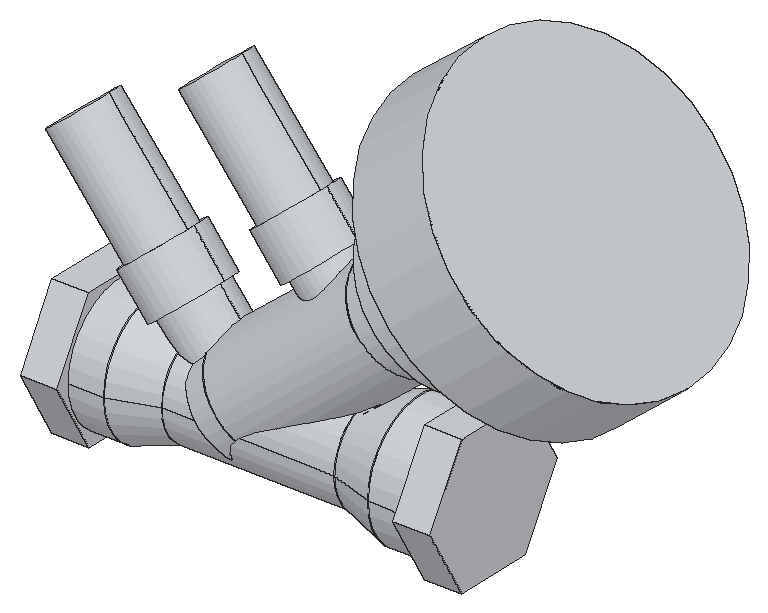
Revit family "D9505-DN15-RFA_2019", category Pipe Accessories, Revit 2019
Family settings
  Round Connector Dimension = Use Diameter
  Part Type = Valve - Breaks Into
  Work Plane-Based = No
  Always vertical = Yes
  Cut with Voids When Loaded = No
  Shared = No
Parameters (values of type "D9505 DN15")
  magiProductId = "7168eb0cb4024df38c6d32127ca87d"
  magiProductFamilyId = "283409d322044e8dba8a30d68fed8b"
  magiPartTypeId = 304
  isMeasuringValve [instance] = no
  ang2D [instance] = 0.00°
  W2D = 10 mm
  VersionID = "2.0/2017.10.31.1/VIR_9505_001"
  Use Minimum Symbol Size [instance] = yes
  URL = "http://www.hydronic.cz"
  Type Comments = "závitový; PN25 (-10~+100°C) nebo PN20 (-10~+130°C)"
  RN2 = 14.85 mm
  RN = 17.55 mm
  R7 = 9 mm
  R6 = 7.5 mm
  R5 = 20 mm
  R4 = 12.375 mm
  R3 = 12.375 mm
  R2 = 14.625 mm
  R1 = 11.25 mm
  QmdConnectorList = "301;D;302;D"
  Productdata [instance] = ""
  NUT1 = no
  Manufacturer = "Hydronic Systems Prague s.r.o."
  MC Product Code = "9505 015 (DN15; PN25 kvs2,67)"
  MC Piping Given Pressure Drop [instance] = 0.0 Pa
  L_2 = 45 mm
  L7 = 36 mm
  L6 = 2 mm
  L4 = 11.7 mm
  L3 = 10 mm
  L2__ve = -L2  # -8 mm
  L2D_Min = 3048 mm
  L2D = 77 mm
  L2 = 8 mm
  L1__ve = -L1  # -8 mm
  L1 = 8 mm
  HWR = 35 mm
  H8 = 27 mm
  H7 = 10.8 mm
  H6 = 19.375 mm
  H5 = 14.375 mm
  H4 = 20 mm
  H3 = 12.304 mm
  H2 = 41 mm
  H1 = 5 mm
  Description = "Ruční vyvažovací ventil závitový; bronzový; DN15; kvs2,67"
  D = 15 mm
  CenSd_RN_6 = RN * cos(30.00°)  # 15.199 mm
  CenSd_RN2_6 = RN2 * cos(30.00°)  # 12.86 mm
  CAT0 = yes
Types (7, lengths in mm): name | magiProductId | RN2 | RN | R4 | R3 | R2 | R1 | MC Product Code | L_2 | L4 | L2__ve | L2 | L1__ve | L1 | H8 | H7 | H6 | H5 | H3 | H2 | H1 | Description | D | CenSd_RN_6 | CenSd_RN2_6
  D9505 DN10 | "f06221e9bc9341508f66871c80ccb9" | 13.2 | 15.6 | 11 | 11 | 13 | 10 | "9505 010 (DN10; PN25 kvs0,97)" | 38.5 | 10.01 | -8 | 8 | -7 | 7 | 27.3 | 10.92 | 18 | 13 | 13.859 | 42 | 4 | "Ruční vyvažovací ventil závitový; bronzový; DN10; kvs0,97" | 10 | 13.51 | 11.432
  D9505 DN15 | "7168eb0cb4024df38c6d32127ca87d" | 14.85 | 17.55 | 12.375 | 12.375 | 14.625 | 11.25 | "9505 015 (DN15; PN25 kvs2,67)" | 45 | 11.7 | -8 | 8 | -8 | 8 | 27 | 10.8 | 19.375 | 14.375 | 12.304 | 41 | 5 | "Ruční vyvažovací ventil závitový; bronzový; DN15; kvs2,67" | 15 | 15.199 | 12.86
  D9505 DN20 | "82f2a7b1fa884f8cafe37fee21fa09" | 16.5 | 19.5 | 13.75 | 13.75 | 16.25 | 12.5 | "9505 020 (DN20; PN25 kvs4,1)" | 51 | 13.26 | -8 | 8 | -9 | 9 | 27 | 10.8 | 20.75 | 15.75 | 12.304 | 40 | 6 | "Ruční vyvažovací ventil závitový; bronzový; DN20; kvs4,1" | 20 | 16.887 | 14.289
  D9505 DN25 | "a5bafb2d780d49b5957b650150642c" | 18.15 | 21.45 | 15.125 | 15.125 | 17.875 | 13.75 | "9505 025 (DN25; PN25 kvs6,4)" | 55 | 14.3 | -9 | 9 | -10 | 10 | 27 | 10.8 | 22.125 | 17.125 | 12.304 | 39 | 7 | "Ruční vyvažovací ventil závitový; bronzový; DN25; kvs6,4" | 25 | 18.576 | 15.718
  D9505 DN32 | "a42dead6f7694bcf97a0a9ce0e311e" | 20.46 | 24.18 | 17 | 17.05 | 20.15 | 15.5 | "9505 032 (DN32; PN25 kvs12,0)" | 60.5 | 15.73 | -9.5 | 9.5 | -11.4 | 11.4 | 34.8 | 13.92 | 24.05 | 19.05 | 52.753 | 38 | 8 | "Ruční vyvažovací ventil závitový; bronzový; DN32; kvs12,0" | 32 | 20.94 | 17.719
  D9505 DN40 | "7d52969a8dcd46c581304e64bff261" | 23.1 | 27.3 | 17 | 19.25 | 22.75 | 17.5 | "9505 040 (DN40; PN25 kvs19,5)" | 71 | 18.46 | -10 | 10 | -13 | 13 | 34.8 | 13.92 | 26.25 | 21.25 | 52.753 | 36 | 10 | "Ruční vyvažovací ventil závitový; bronzový; DN40; kvs19,5" | 40 | 23.642 | 20.005
  D9505 DN50 | "2fc06cc644084f6992b3d357430981" | 26.4 | 31.2 | 17 | 22 | 26 | 20 | "9505 050 (DN50; PN25 kvs29,8)" | 80.5 | 20.93 | -11 | 11 | -15 | 15 | 34.8 | 13.92 | 29 | 24 | 52.753 | 34 | 12 | "Ruční vyvažovací ventil závitový; bronzový; DN50; kvs29,8" | 50 | 27.02 | 22.863
Reference planes
  plane 1 "Center (Front/Back)": y = 0
  plane 2 "XYPLANE": z = 0
  plane 3 "Center (Left/Right)": x = 0
  plane 4 "312": through (-488.27, 0, 577.747) normal (0.766, 0, 0.6428)
  plane 5 "176": through (-600.726, 0, -462.806) normal (-0.6428, 0, 0.766)
  plane 6 "173": through (-596.997, 0, -467.249) normal (-0.6428, 0, 0.766)
  plane 7 "163": x = -11.7
  plane 8 "158": x = 19
  plane 9 "157": x = 29
  plane 10 "154": x = -19
  plane 11 "83": through (-603.939, 0, -458.975) normal (-0.6428, 0, 0.766)
  plane 12 "76": through (-464.523, 0, 597.674) normal (0.766, 0, 0.6428)
  plane 13 "73": through (-593.783, 0, -471.079) normal (-0.6428, 0, 0.766)
  plane 14 "70": through (-584.543, 0, -482.091) normal (-0.6428, 0, 0.766)
  plane 15 "69": y = 0
  plane 16 "68": through (-490.569, 0, 575.819) normal (0.766, 0, 0.6428)
  plane 17 "60": through (-432.117, 0, 624.866) normal (0.766, 0, 0.6428)
  plane 18 "57": through (-447.437, 0, 612.01) normal (0.766, 0, 0.6428)
  plane 19 "54": through (-456.863, 0, 604.102) normal (0.766, 0, 0.6428)
  plane 20 "32": through (-492.101, 0, 574.533) normal (0.766, 0, 0.6428)
  plane 21 "31": y = 0
  plane 22 "30": through (564.523, 0, 482.091) normal (0.6428, 0, -0.766)
  plane 23 "21": x = -29
  plane 24 "20": x = 37
  plane 25 "19": x = -37
  plane 26 "13": x = 0
  plane 27 "11": x = 45
  plane 28 "10": x = -45
  plane 29 "9": y = 0
  plane 30 "8": z = 0
  plane 31 "65XY": through (-584.543, 0, -482.091) normal (-0.6428, 0, 0.766)
  plane 32 "65XZ": y = 0
  plane 33 "65YZ": through (-492.101, 0, 574.533) normal (0.766, 0, 0.6428)
  plane 34 "27XY": through (-492.101, 0, 574.533) normal (0.766, 0, 0.6428)
  plane 35 "27XZ": y = 0
  plane 36 "27YZ": through (564.523, 0, 482.091) normal (0.6428, 0, -0.766)
Forms (mm)
  Extrusion 1, solid, visible <- "CAT0"
    sketch origin (-492.101, 0, 574.533) x (0.642788, 0, -0.766044) y (0, 1, 0)
      loop
        circle (750, 0) r 12.375
    from 0 to 5 <- "H1"
  Extrusion 2, solid
    sketch origin (-600.726, 0, -462.806) x (0.766044, 0, 0.642788) y (0, 1, 0)
      loop
        circle (786, 0) r 7.5
    from 0 to 27 <- "H8"
  Extrusion 3, solid
    sketch origin (-593.783, 0, -471.079) x (0.766044, 0, 0.642788) y (0, 1, 0)
      loop
        circle (786, 0) r 9
    from 0 to 10.8 <- "H7"
  Extrusion 4, solid
    sketch origin (-456.863, 0, 604.102) x (0.642788, 0, -0.766044) y (0, 1, 0)
      loop
        circle (750, 0) r 12.375
    from 0 to 12.304 <- "H3"
  Extrusion 5, solid, visible <- "NUT1"
    sketch origin (-456.863, 0, 604.102) x (0.642788, 0, -0.766044) y (0, 1, 0)
      loop
        line (750, 14.85) -> (737.14, 7.425) -> (737.14, -7.425) -> (750, -14.85) -> (762.86, -7.425) -> (762.86, 7.425) -> (750, 14.85)
    from 0 to 8 <- "L1"
  Blend 6, solid, visible <- "CAT0"
    base sketch origin (-19, -750, 0) x (0, 1, 0) y (0, 0, 1)
      loop
        circle (750, 0) r 11.25
    top sketch origin (-19, -750, 0) x (0, 1, 0) y (0, 0, 1)
      loop
        circle (750, 0) r 11.25
    from 0 to 38
  Blend 7, solid
    base sketch origin (29, -750, 0) x (0, 1, 0) y (0, 0, 1)
      loop
        circle (750, 0) r 14.625
    top sketch origin (29, -750, 0) x (0, 1, 0) y (0, 0, 1)
      loop
        circle (750, 0) r 11.25
    from 0 to -10
  Blend 8, solid
    base sketch origin (-29, -750, 0) x (0, 1, 0) y (0, 0, 1)
      loop
        circle (750, 0) r 14.625
    top sketch origin (-29, -750, 0) x (0, 1, 0) y (0, 0, 1)
      loop
        circle (750, 0) r 11.25
    from 0 to 10
  Extrusion 9, solid
    sketch origin (-584.543, 0, -482.091) x (0.766044, 0, 0.642788) y (0, 1, 0)
      loop
        circle (752, 0) r 7.5
    from 0 to 19.375 <- "H6"
  Extrusion 10, solid
    sketch origin (-603.939, 0, -458.975) x (0.766044, 0, 0.642788) y (0, 1, 0)
      loop
        circle (752, 0) r 7.5
    from 0 to 27 <- "H8"
  Extrusion 11, solid
    sketch origin (-584.543, 0, -482.091) x (0.766044, 0, 0.642788) y (0, 1, 0)
      loop
        circle (786, 0) r 7.5
    from 0 to 14.375 <- "H5"
  Extrusion 12, solid
    sketch origin (-596.997, 0, -467.249) x (0.766044, 0, 0.642788) y (0, 1, 0)
      loop
        circle (752, 0) r 9
    from 0 to 10.8 <- "H7"
  Extrusion 13, solid, visible <- "CAT0"
    sketch origin (-432.117, 0, 624.866) x (0.642788, 0, -0.766044) y (0, 1, 0)
      loop
        circle (750, 0) r 35
    from 0 to 20 <- "H4"
  Extrusion 14, solid
    sketch origin (-447.437, 0, 612.01) x (0.642788, 0, -0.766044) y (0, 1, 0)
      loop
        circle (750, 0) r 20
    from 0 to 20 <- "H4"
  Extrusion 15, solid
    sketch origin (-488.27, 0, 577.747) x (0.642788, 0, -0.766044) y (0, 1, 0)
      loop
        circle (750, 0) r 12.375
    from 0 to 41 <- "H2"
  Extrusion 16, solid
    sketch origin (37, -750, 0) x (0, 1, 0) y (0, 0, 1)
      loop
        circle (750, 0) r 14.625
    from 0 to -8 <- "L2__ve"
  Extrusion 17, solid
    sketch origin (-37, -750, 0) x (0, 1, 0) y (0, 0, 1)
      loop
        circle (750, 0) r 14.625
    from 0 to 8 <- "L2"
  Extrusion 18, solid
    sketch origin (45, -750, 0) x (0, 1, 0) y (0, 0, 1)
      loop
        line (732.45, 0) -> (741.225, -15.199) -> (758.775, -15.199) -> (767.55, 0) -> (758.775, 15.199) -> (741.225, 15.199) -> (732.45, 0)
    from 0 to -8 <- "L1__ve"
  Extrusion 19, solid
    sketch origin (-45, -750, 0) x (0, 1, 0) y (0, 0, 1)
      loop
        line (767.55, 0) -> (758.775, 15.199) -> (741.225, 15.199) -> (732.45, 0) -> (741.225, -15.199) -> (758.775, -15.199) -> (767.55, 0)
    from 0 to 8 <- "L1"
  Extrusion 20, solid, not visible
    sketch origin (45, -750, 0) x (0, 1, 0) y (0, 0, 1)
      loop
        circle (750, 0) r 10
    from 0 to -10
  Extrusion 21, solid, not visible
    sketch origin (-45, -750, 0) x (0, 1, 0) y (0, 0, 1)
      loop
        circle (750, 0) r 10
    from 0 to 10
Lines and regions (mm)
  reference lines, not visible
    curve 1: circle (2, 2, 0) r 1 normal (0, 0, 1)
  reference lines
    curve 2: line (25.228, 0, 29.568) -> (28.902, -3.3, 25.19)
    curve 3: line (25.228, 0, 29.568) -> (25.228, -6.6, 29.568)
    curve 4: line (25.228, 0, 29.568) -> (21.554, -3.3, 33.947)
    curve 5: line (45, 0, 0) -> (45, 3.9, -6.755)
    curve 6: line (45, 0, 0) -> (45, 7.8, 0)
    curve 7: line (45, 0, 0) -> (45, 3.9, 6.755)
    curve 8: line (-45, 0, 0) -> (-45, -3.9, -6.755)
    curve 9: line (-45, 0, 0) -> (-45, -7.8, 0)
    curve 10: line (-45, 0, 0) -> (-45, -3.9, 6.755)
Dimensions and locks
  plane 1 "Center (Front/Back)" to curve 1 = 2 mm
  "H1": plane 20 "32" to plane 4 "312"
  "H7": plane 13 "73" to plane 5 "176"
  "H6": plane 14 "70" to plane 6 "173"
  "L4": plane 26 "13" to plane 7 "163"
  "L3": plane 9 "157" to plane 8 "158"
  "L2": plane 24 "20" to plane 9 "157"
  "L3": plane 23 "21" to plane 10 "154"
  "H7": plane 6 "173" to plane 11 "83"
  "L7": plane 33 "65YZ" to plane 12 "76"
  "H5": plane 14 "70" to plane 13 "73"
  locked: plane 31 "65XY" to plane 14 "70" at 0
  locked: plane 29 "9" to plane 15 "69"
  "L6": plane 33 "65YZ" to plane 16 "68"
  "H4": plane 18 "57" to plane 17 "60"
  "H3": plane 19 "54" to plane 18 "57"
  "H2": plane 4 "312" to plane 19 "54"
  locked: plane 34 "27XY" to plane 20 "32" at 0
  locked: plane 29 "9" to plane 21 "31"
  locked: plane 36 "27YZ" to plane 22 "30"
  "L2": plane 25 "19" to plane 23 "21"
  "L1": plane 27 "11" to plane 24 "20"
  "L1": plane 28 "10" to plane 25 "19"
  locked: plane 3 "Center (Left/Right)" to plane 26 "13"
  "L_2": plane 3 "Center (Left/Right)" to plane 27 "11"
  "L_2": plane 3 "Center (Left/Right)" to plane 28 "10"
  locked: plane 1 "Center (Front/Back)" to plane 29 "9"
  locked: plane 2 "XYPLANE" to plane 30 "8"
  "CenSd_RN2_6": curve 2 to Extrusion 5 sketch curve  (x2)
  "CenSd_RN2_6": curve 3 to Extrusion 5 sketch curve  (x2)
  "CenSd_RN2_6": curve 4 to Extrusion 5 sketch curve  (x2)
  Extrusion 5 sketch curve to Extrusion 5 sketch curve = 0 mm  (x12)
  "CenSd_RN_6": curve 5 to Extrusion 18 sketch curve  (x2)
  "CenSd_RN_6": curve 6 to Extrusion 18 sketch curve  (x2)
  "CenSd_RN_6": curve 7 to Extrusion 18 sketch curve  (x2)
  Extrusion 18 sketch curve to Extrusion 18 sketch curve = 0 mm  (x12)
  "CenSd_RN_6": curve 8 to Extrusion 19 sketch curve  (x2)
  "CenSd_RN_6": curve 9 to Extrusion 19 sketch curve  (x2)
  "CenSd_RN_6": curve 10 to Extrusion 19 sketch curve  (x2)
  Extrusion 19 sketch curve to Extrusion 19 sketch curve = 0 mm  (x12)
  "R3": radius of Extrusion 1 sketch curve
  "R6": radius of Extrusion 2 sketch curve
  "R7": radius of Extrusion 3 sketch curve
  "R4": radius of Extrusion 4 sketch curve
  "R1": radius of Blend 6 sketch curve  (x2)
  "R1": radius of Blend 7 sketch curve
  "R2": radius of Blend 7 sketch curve
  "R1": radius of Blend 8 sketch curve
  "R2": radius of Blend 8 sketch curve
  "R6": radius of Extrusion 9 sketch curve
  "R6": radius of Extrusion 10 sketch curve
  "R6": radius of Extrusion 11 sketch curve
  "R7": radius of Extrusion 12 sketch curve
  "HWR": radius of Extrusion 13 sketch curve
  "R5": radius of Extrusion 14 sketch curve
  "R3": radius of Extrusion 15 sketch curve
  "R2": radius of Extrusion 16 sketch curve
  "R2": radius of Extrusion 17 sketch curve
  locked: curve 3 to curve 2 (angle 60.00°)
  locked: curve 4 to curve 3 (angle 60.00°)
  locked: curve 4 to curve 2 (angle 120.00°)
  locked: curve 6 to curve 5 (angle 60.00°)
  locked: curve 7 to curve 6 (angle 60.00°)
  locked: curve 7 to curve 5 (angle 120.00°)
  locked: curve 9 to curve 8 (angle 60.00°)
  locked: curve 10 to curve 9 (angle 60.00°)
  locked: curve 10 to curve 8 (angle 120.00°)
  aligned and locked: level to plane 2 "XYPLANE"
  aligned and locked: plane 21 "31" to Extrusion 1 sketch curve
  aligned and locked: Extrusion 1 sketch curve to plane 22 "30"
  aligned and locked: Extrusion 2 sketch curve to plane 12 "76"
  aligned and locked: plane 15 "69" to Extrusion 2 sketch curve
  aligned and locked: Extrusion 3 sketch curve to plane 12 "76"
  aligned and locked: plane 15 "69" to Extrusion 3 sketch curve
  aligned and locked: plane 21 "31" to Extrusion 4 sketch curve
  aligned and locked: Extrusion 4 sketch curve to plane 22 "30"
  aligned and locked: curve 2 to plane 22 "30"
  aligned and locked: plane 21 "31" to curve 3
  aligned and locked: Blend 6 sketch curve to plane 29 "9"  (x2)
  aligned and locked: plane 30 "8" to Blend 6 sketch curve  (x2)
  aligned and locked: plane 8 "158" to Blend 6
  aligned and locked: Blend 7 sketch curve to plane 29 "9"  (x2)
  aligned and locked: plane 30 "8" to Blend 7 sketch curve  (x2)
  aligned and locked: Blend 7 to plane 8 "158"
  aligned and locked: Blend 8 sketch curve to plane 29 "9"  (x2)
  aligned and locked: plane 30 "8" to Blend 8 sketch curve  (x2)
  aligned and locked: plane 10 "154" to Blend 8
  aligned and locked: plane 15 "69" to Extrusion 9 sketch curve
  aligned and locked: Extrusion 9 sketch curve to plane 16 "68"
  aligned and locked: plane 15 "69" to Extrusion 10 sketch curve
  aligned and locked: Extrusion 10 sketch curve to plane 16 "68"
  aligned and locked: Extrusion 11 sketch curve to plane 12 "76"
  aligned and locked: plane 15 "69" to Extrusion 11 sketch curve
  aligned and locked: plane 15 "69" to Extrusion 12 sketch curve
  aligned and locked: Extrusion 12 sketch curve to plane 16 "68"
  aligned and locked: plane 21 "31" to Extrusion 13 sketch curve
  aligned and locked: Extrusion 13 sketch curve to plane 22 "30"
  aligned and locked: plane 21 "31" to Extrusion 14 sketch curve
  aligned and locked: Extrusion 14 sketch curve to plane 22 "30"
  aligned and locked: plane 21 "31" to Extrusion 15 sketch curve
  aligned and locked: Extrusion 15 sketch curve to plane 22 "30"
  aligned and locked: Extrusion 16 sketch curve to plane 29 "9"
  aligned and locked: plane 30 "8" to Extrusion 16 sketch curve
  aligned and locked: Extrusion 17 sketch curve to plane 29 "9"
  aligned and locked: plane 30 "8" to Extrusion 17 sketch curve
  aligned and locked: curve 7 to plane 29 "9"
  aligned and locked: plane 30 "8" to curve 7
  aligned and locked: curve 10 to plane 29 "9"
  aligned and locked: plane 30 "8" to curve 10
  aligned and locked: Extrusion 20 sketch curve to plane 29 "9"
  aligned and locked: plane 30 "8" to Extrusion 20 sketch curve
  aligned and locked: Extrusion 21 sketch curve to plane 29 "9"
  aligned and locked: plane 30 "8" to Extrusion 21 sketch curve
Automatic sketch dimensions
  plane 1 "Center (Front/Back)" to Extrusion 20 sketch curve = 10 mm
  plane 1 "Center (Front/Back)" to Extrusion 21 sketch curve = 10 mm
  plane 3 "Center (Left/Right)" to curve 1 = 2 mm
  radius of curve 1 = 1 mm
Connectors
  piping at (-45, 0, 0), diameter 15, driven by "D"
    settings: on Extrusion 21, index 1, connector inside diameter 609.6 mm, connector length 0 mm, flow factor 0, pipe flow 0.0 L/s, pressure drop 0.0 Pa, fitting loss kfactor 0, connector angle 0.00°, fixture units 0, engagement length 0 mm, angle of deflection 0.00°, flow configuration 0, flow direction 0, fitting loss method 0, system type 29, joint type 0, gender type 0, connector reference index 2, connector utility 0, adjustable connector no, is connector primary yes, connector description ""
  piping at (45, 0, 0), diameter 15, driven by "D"
    settings: on Extrusion 20, index 2, connector inside diameter 609.6 mm, connector length 0 mm, flow factor 0, pipe flow 0.0 L/s, pressure drop 0.0 Pa, fitting loss kfactor 0, connector angle 0.00°, fixture units 0, engagement length 0 mm, angle of deflection 0.00°, flow configuration 0, flow direction 0, fitting loss method 0, system type 29, joint type 0, gender type 0, connector reference index 1, connector utility 0, adjustable connector no, is connector primary no, connector description ""
